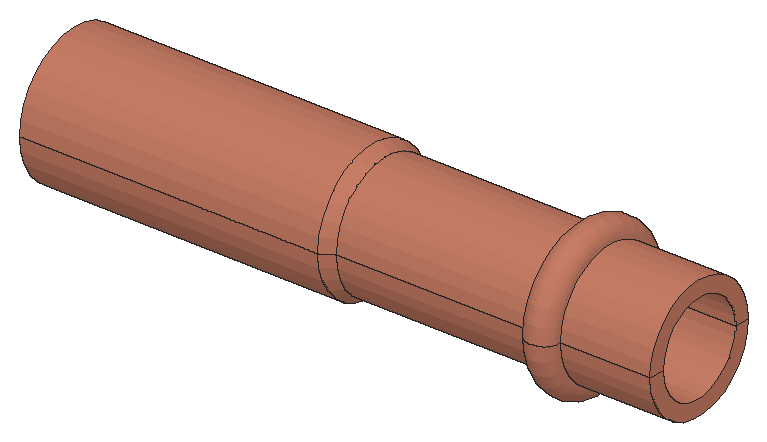
Revit family "Pipefitting_IBP_Conex_MaxiPro_FittingReducer_MP5243", category Pipe Fittings, Revit 2019
Family settings
  Round Connector Dimension = Use Diameter
  Part Type = Transition
  OmniClass Number = 23.65.00.00
  OmniClass Title = Supply and Distribution of Liquids and Gases
  Work Plane-Based = No
  Always vertical = No
  Cut with Voids When Loaded = No
  Shared = No
Parameters (values of type "MP5243 0030200 1/4" x 3/8" male copper")
  _DistributedBy = "www.bimmepaus.com.au/"
  _CurrentRevision = 1  # constant formula
  _CreatedBy = "technical@ibpgroup.com"
  _BimstoreBibleVersion = "14"  # constant formula
  _BimSpecGuid = 0  # constant formula
  _AuthorisedBy = ""
  _Author = "Luke Brown"  # constant formula
  Weight = 0.00 kg
  WarrantyStartDate [instance] = "Please Record On Commissioning."
  WarrantyGuarantorParts = "technical@ibpgroup.com"  # constant formula
  WarrantyGuarantorLabor = "technical@ibpgroup.com"  # constant formula
  WarrantyDurationMonths = 60  # constant formula
  WarrantyDescription = "Product Guarantee"  # constant formula
  URL = "http://www.conexbanninger.com/"
  Type Comments = "1/4\" x 3/8\" male copper"
  TubeStopLocation_Formula = C + B  # 26 mm
  SurfaceFinish = "Natural"  # constant formula
  SpareParts = "n/a"
  Size = Type Comments  # "1/4\" x 3/8\" male copper"
  Shape = "Cylindrical"  # constant formula
  SerialNumber [instance] = "Please Record On Commissioning."
  SealType = "HNBR"
  S = 1.1 mm
  ReplacementCost = "n/a"
  RefrigerantType = ""
  RefrigerantSafetyClass = ""
  RefrigerantCircuitNumber = ""
  ReferencedStandard = "n/a"
  ProductionYear = "n/a"  # constant formula
  ProductCode = Model  # "MP5243 0030200"
  PressJawCompatability = "MaxiPro Jaws supplied by Rothenberger"  # constant formula
  PressEndOD_formula = d1_PressEndID + S + S  # 8.6 mm
  PlainTail_ID_Formula = OD_PlainTail - S - S  # 7.4 mm
  PipeConnectorType = "Press x Male Copper"  # constant formula
  OperatingMaintenanceManual = ""
  ORingTemperatureRange = "-40°C to 140°C"  # constant formula
  OD_PlainTail = 9.6 mm
  NominalLength = 0 mm  # constant formula
  NominalHeight = 0 mm  # constant formula
  NominalDepth = 0 mm  # constant formula
  NBSReference = "90-10-65/315"  # constant formula
  NBSOfficeMasterTag = "n/a"  # constant formula
  NBSObjectName = "IBP - Copper pipeline fittings"  # constant formula
  NBSNote = "n/a"  # constant formula
  NBSDescription = "Copper pipeline fittings"  # constant formula
  ModelReference = Type Comments  # "1/4\" x 3/8\" male copper"
  ModelNumber = Model  # "MP5243 0030200"
  Model = "MP5243 0030200"
  MaxHydrostaticPressure = 48 bar
  MaterialType = "Refrigerant Grade Copper, C12200"  # constant formula
  Material = Copper, C12200
  ManufacturerName = "IBP"  # constant formula
  Manufacturer = "Conex Banninger"  # constant formula
  Length = A_OverallLength  # 44 mm
  Keynote = "S"  # constant formula
  InstallationDate [instance] = "Please Record On Commissioning."
  IfcExportType = "IfcPipeFittingType"  # constant formula
  IfcExportAs = "IfcPipeFitting"  # constant formula
  Grade = "n/a"
  FluidTemperatureMin = 273.15 °C - 40 °C + -273.15 °C  # -40 °C
  FluidTemperatureMax = 121 °C  # constant formula
  FittingType = Description  # "Fitting Reducer"
  Features = "n/a"
  ExpectedServiceLifeYears = 25  # constant formula
  DocumentationTechnical = ""
  DocumentationLiterature = ""
  DocumentationInstallationGuide = ""
  DocumentationCertificates = ""
  Description = "Fitting Reducer"  # constant formula
  d1_PressEndID = 6.4 mm
  CreatedOn = " "
  CreatedBy = "technical@ibpgroup.com"  # constant formula
  Contact = "technical@ibpgroup.com"  # constant formula
  Constituents = "n/a"
  Colour = "n/a"  # constant formula
  CodePerformance = "n/a"
  ClassificationValue = "Pr_65_52_63_18"  # constant formula
  ClassificationName = "Uniclass2015"  # constant formula
  C = 21 mm
  Bead_Dia = 2.3 mm
  BeadDepth = 7.5 mm
  BeadLocation_Formula = A_OverallLength - BeadDepth  # 36.5 mm
  Barcode [instance] = "Please Record On Commissioning."
  BIMObjectName = "PipefittingP_IBP_Conex_MaxiPro_FittingReducer_MP5243"  # constant formula
  B = 5 mm
  AssetType = "Fixed"  # constant formula
  AssetIdentifier [instance] = "Please Record On Commissioning."
  Assembly Code = "D20"
  Application = "Air conditioning & refrigeration"  # constant formula
  Angle = 30.00°
  AccessibilityPerformance = "n/a"
  A_OverallLength = 44 mm
Types (13, lengths in mm): name | Type Comments | TubeStopLocation_Formula | Size | S | ProductCode | PressEndOD_formula | PlainTail_ID_Formula | OD_PlainTail | ModelReference | ModelNumber | Model | Length | d1_PressEndID | C | Bead_Dia | BeadDepth | BeadLocation_Formula | B | A_OverallLength
  MP5243 0030200 1/4" x 3/8" male copper | "1/4\" x 3/8\" male copper" | 26 | "1/4\" x 3/8\" male copper" | 1.1 | "MP5243 0030200" | 8.6 | 7.4 | 9.6 | "1/4\" x 3/8\" male copper" | "MP5243 0030200" | "MP5243 0030200" | 44 | 6.4 | 21 | 2.3 | 7.5 | 36.5 | 5 | 44
  MP5243 0040300 3/8" x 1/2" male copper | "3/8\" x 1/2\" male copper" | 27 | "3/8\" x 1/2\" male copper" | 1.2 | "MP5243 0040300" | 12 | 10.4 | 12.8 | "3/8\" x 1/2\" male copper" | "MP5243 0040300" | "MP5243 0040300" | 45 | 9.6 | 20.5 | 2.3 | 7 | 38 | 6.5 | 45
  MP5243 0050300 3/8" x 5/8" male copper | "3/8\" x 5/8\" male copper" | 29.5 | "3/8\" x 5/8\" male copper" | 1.2 | "MP5243 0050300" | 12 | 13.6 | 16 | "3/8\" x 5/8\" male copper" | "MP5243 0050300" | "MP5243 0050300" | 47 | 9.6 | 24 | 2.3 | 7 | 40 | 5.5 | 47
  MP5243 0050400 1/2" x 5/8" male copper | "1/2\" x 5/8\" male copper" | 28.5 | "1/2\" x 5/8\" male copper" | 1.2 | "MP5243 0050400" | 15.2 | 13.6 | 16 | "1/2\" x 5/8\" male copper" | "MP5243 0050400" | "MP5243 0050400" | 46 | 12.8 | 24 | 2.5 | 7 | 39 | 4.5 | 46
  MP5243 0060400 1/2" x 3/4" male copper | "1/2\" x 3/4\" male copper" | 35.5 | "1/2\" x 3/4\" male copper" | 1.2 | "MP5243 0060400" | 15.2 | 16.8 | 19.2 | "1/2\" x 3/4\" male copper" | "MP5243 0060400" | "MP5243 0060400" | 53 | 12.8 | 25 | 2.5 | 7 | 46 | 10.5 | 53
  MP5243 0060500 5/8" x 3/4" male copper | "5/8\" x 3/4\" male copper" | 32.5 | "5/8\" x 3/4\" male copper" | 1.2 | "MP5243 0060500" | 18.4 | 16.8 | 19.2 | "5/8\" x 3/4\" male copper" | "MP5243 0060500" | "MP5243 0060500" | 53 | 16 | 25 | 2.7 | 8 | 45 | 7.5 | 53
  MP5243 0070400 1/2" x 7/8" male copper | "1/2\" x 7/8\" male copper" | 34.5 | "1/2\" x 7/8\" male copper" | 1.2 | "MP5243 0070400" | 15.2 | 20 | 22.4 | "1/2\" x 7/8\" male copper" | "MP5243 0070400" | "MP5243 0070400" | 54 | 12.8 | 25 | 2.7 | 8 | 46 | 9.5 | 54
  MP5243 0070500 5/8" x 7/8" male copper | "5/8\" x 7/8\" male copper" | 33.5 | "5/8\" x 7/8\" male copper" | 1.7 | "MP5243 0070500" | 19.4 | 19 | 22.4 | "5/8\" x 7/8\" male copper" | "MP5243 0070500" | "MP5243 0070500" | 54.5 | 16 | 27 | 2.7 | 8 | 46.5 | 6.5 | 54.5
  MP5243 0070600 3/4" x 7/8" male copper | "3/4\" x 7/8\" male copper" | 31 | "3/4\" x 7/8\" male copper" | 1.2 | "MP5243 0070600" | 21.6 | 20 | 22.4 | "3/4\" x 7/8\" male copper" | "MP5243 0070600" | "MP5243 0070600" | 53 | 19.2 | 27 | 2.7 | 8 | 45 | 4 | 53
  MP5243 0090400 1/2" x 1 1/8" male copper | "1/2\" x 1 1/8\" male copper" | 43.5 | "1/2\" x 1 1/8\" male copper" | 1.8 | "MP5243 0090400" | 16.4 | 25.2 | 28.8 | "1/2\" x 1 1/8\" male copper" | "MP5243 0090400" | "MP5243 0090400" | 61 | 12.8 | 28.5 | 2.5 | 7 | 54 | 15 | 61
  MP5243 0090500 5/8" x 1 1/8" male copper | "1/2\" x 1 1/8\" male copper" | 40.5 | "1/2\" x 1 1/8\" male copper" | 1.8 | "MP5243 0090400" | 19.6 | 25.2 | 28.8 | "1/2\" x 1 1/8\" male copper" | "MP5243 0090400" | "MP5243 0090400" | 61 | 16 | 28.5 | 2.7 | 7 | 54 | 12 | 61
  MP5243 0090600 3/4" x 1 1/8" male copper | "3/4\" x 1 1/8\" male copper" | 38 | "3/4\" x 1 1/8\" male copper" | 1.8 | "MP5243 0090600" | 22.8 | 25.2 | 28.8 | "3/4\" x 1 1/8\" male copper" | "MP5243 0090600" | "MP5243 0090600" | 60 | 19.2 | 28.5 | 2.8 | 10 | 50 | 9.5 | 60
  MP5243 0090700 7/8" x 1 1/8" male copper | "7/8\" x 1 1/8\" male copper" | 35.5 | "7/8\" x 1 1/8\" male copper" | 1.8 | "MP5243 0090700" | 26 | 25.2 | 28.8 | "7/8\" x 1 1/8\" male copper" | "MP5243 0090700" | "MP5243 0090700" | 60 | 22.4 | 28.5 | 3.3 | 10 | 50 | 7 | 60
Reference planes
  plane 1 "Center (Front/Back)": y = 0
  plane 2: z = 0
  plane 3 "Center (Left/Right)": x = 0
  plane 4: y = 4.8
  plane 5: y = -4.8
  plane 6: y = 4.3
  plane 7: y = -4.3
  plane 8: x = 44
  plane 9: x = 21
  plane 10: x = 36.5
  plane 11: y = 3.2
  plane 12: y = -3.2
  plane 13: y = 3.7
  plane 14: y = -3.7
  plane 15 "PressEnd_Connection": x = 26
Forms (mm)
  Revolve 1, solid, material "Copper, C12200" <- "Material", detail levels fine
    sketch origin (0, 0, 0) x (1, 0, 0) y (0, 1, 0)
      loop
        line (0, 4.8) -> (0, 3.2) -> (44, 3.2) -> (44, 4.3) -> (37.65, 4.3)
        arc (37.65, 4.3) -> (36.5, 5.45) -> (35.35, 4.3) r 1.15
        line (35.35, 4.3) -> (21.866, 4.3) -> (21, 4.8) -> (0, 4.8)
      axis (44, 0) -> (0, 0)
    angle from 0 to 360
Dimensions and locks
  equal spacing: plane 4, plane 1 "Center (Front/Back)", plane 5
  "OD_PlainTail": plane 4 to plane 5
  "A_OverallLength": plane 3 "Center (Left/Right)" to plane 8
  "C": plane 3 "Center (Left/Right)" to plane 9
  equal spacing: plane 6, plane 1 "Center (Front/Back)", plane 7
  "PressEndOD_formula": plane 6 to plane 7
  "BeadLocation_Formula": plane 3 "Center (Left/Right)" to plane 10
  equal spacing: plane 11, plane 1 "Center (Front/Back)", plane 12
  "d1_PressEndID": plane 12 to plane 11
  equal spacing: plane 13, plane 1 "Center (Front/Back)", plane 14
  "PlainTail_ID_Formula": plane 13 to plane 14
  "TubeStopLocation_Formula": plane 3 "Center (Left/Right)" to plane 15 "PressEnd_Connection"
  "Bead_Dia": diameter of Revolve 1 sketch curve
  "Angle": angle Revolve 1 sketch curve to Revolve 1 sketch curve
  aligned and locked: level to plane 2
  aligned and locked: plane 3 "Center (Left/Right)" to nested 1
  aligned and locked: plane 1 "Center (Front/Back)" to nested 1
Automatic sketch dimensions
  plane 1 "Center (Front/Back)" to Revolve 1 sketch curve = 0 mm
  Revolve 1 sketch curve to plane 3 "Center (Left/Right)" = 0 mm  (x2)
  Revolve 1 sketch curve to plane 4 = 0 mm
  Revolve 1 sketch curve to plane 9 = 0 mm
  Revolve 1 sketch curve to plane 6 = 0 mm
  Revolve 1 sketch curve to plane 10 = 0 mm
  Revolve 1 sketch curve to plane 8 = 0 mm
  Revolve 1 sketch curve to plane 11 = 0 mm
  Revolve 1 sketch curve to plane 3 "Center (Left/Right)" = 7.949 mm
Nested families
  nested 1: "Reducer" at (22, 0, 0), type "Reducer", detail levels coarse+medium
Connectors
  piping at (26, 0, 0), diameter 6.4, driven by "d1_PressEndID"
    settings: index 1, connector inside diameter 609.6 mm, connector length 0 mm, flow factor 0, pipe flow 0.0 L/s, pressure drop 0 bar, fitting loss kfactor 0, connector angle 0.00°, fixture units 0, engagement length 0 mm, angle of deflection 0.00°, flow configuration 0, flow direction 0, fitting loss method 0, system type 7, joint type 0, gender type 0, connector reference index -1, connector utility 0, adjustable connector no, is connector primary yes, connector description ""
  piping at (0, 0, 0), diameter 9.6, driven by "OD_PlainTail"
    settings: on Revolve 1, index 2, connector inside diameter 609.6 mm, connector length 0 mm, flow factor 0, pipe flow 0.0 L/s, pressure drop 0 bar, fitting loss kfactor 0, connector angle 0.00°, fixture units 0, engagement length 0 mm, angle of deflection 0.00°, flow configuration 0, flow direction 0, fitting loss method 0, system type 7, joint type 0, gender type 0, connector reference index -1, connector utility 0, adjustable connector no, is connector primary no, connector description ""
Definition of nested family "Reducer"
  Parameters (values of type "Reducer")
    Weight = "0"
    Website = "http://www.conexbanninger.com/"
    Short Code = ""
    Right_Line = 8.7 mm
    Profile 67-108mm = "M Profile"
    Profile 15-54mm = ">B< Profile"
    Primary Material = none
    Order Code (JDE) = ""
    Minimum Temperature = -35 °C
    Maximum Temperature = 110 °C
    Max Hydrostatic Pressure = 16 bar
    Manufacturer = "Conex Banninger"
    Left_Line = 20.88 mm
    Hyperlink - Installation Guide = "http://www.conexbanninger.com/uploads/14169915304850175107cafd3550f0c11e86dc65.pdf"
    Hyperlink - Data Sheet = "http://www.conexbanninger.com/uploads/16c789a15d34158287a83230e6c3209f143449ab.pdf"
    End Connection = "Press x Press"
    Description = ""
    Contact = "technical@ibpgroup.com"
    Hyperlink - B Press Tooling Compatability = "http://www.conexbanninger.com/uploads/7b0e8ab59d5d21af8cc623b0402734723dcd325b.pdf"
    Author = "Luke Brown"
    Hyperlink - Approvals = "http://www.conexbanninger.com/uploads/054a2f5de9a7dffd4882b29baab5d8baca1922bd.pdf"
    Applications - Sanitary Water = yes
    Applications - Heating and Chilled Water Systems = yes
    Applications - Drinking Water = yes
    Applications - Compressed Air (Oil Free) = yes
    Annotation_Width = 17.4 mm
    Annotation_Length = 55 mm
  Reference planes
    plane 1 "Center (Front/Back)": y = 0
    plane 2: z = 0
    plane 3 "Center (Left/Right)": x = 0
    plane 4: x = -27.5
    plane 5: x = 27.5
    plane 6: y = 8.7
    plane 7: y = -8.7
    plane 8: y = 4.35
    plane 9: y = -4.35
    plane 10: y = 10.44
    plane 11: y = -10.44
  Lines and regions (mm)
    model lines
      curve 1: line (-27.5, 8.7, 0) -> (27.5, 0, 0)
      curve 2: line (27.5, 0, 0) -> (-27.5, -8.7, 0)
      curve 3: line (-27.5, -8.7, 0) -> (-27.5, 8.7, 0)
      curve 4: line (27.5, 4.35, 0) -> (27.5, -4.35, 0)
      curve 5: line (-27.5, 10.44, 0) -> (-27.5, -10.44, 0)
  Dimensions and locks
    equal spacing: plane 4, plane 3 "Center (Left/Right)", plane 5
    "Annotation_Length": plane 4 to plane 5
    equal spacing: plane 6, plane 1 "Center (Front/Back)", plane 7
    "Annotation_Width": plane 7 to plane 6
    equal spacing: plane 8, plane 1 "Center (Front/Back)", plane 9
    "Right_Line": plane 8 to plane 9
    equal spacing: plane 10, plane 1 "Center (Front/Back)", plane 11
    "Left_Line": plane 10 to plane 11
    aligned and locked: level to plane 2
  Automatic sketch dimensions
    curve 1 to plane 4 = 0 mm
    curve 5 to plane 4 = 0 mm
    curve 4 to plane 5 = 0 mm
    curve 5 to plane 11 = 0 mm
    plane 7 to curve 3 = 0 mm
    curve 4 to plane 9 = 0 mm
    plane 1 "Center (Front/Back)" to curve 2 = 0 mm
    curve 4 to plane 8 = 0 mm
    curve 3 to plane 6 = 0 mm
    curve 5 to plane 10 = 0 mm
